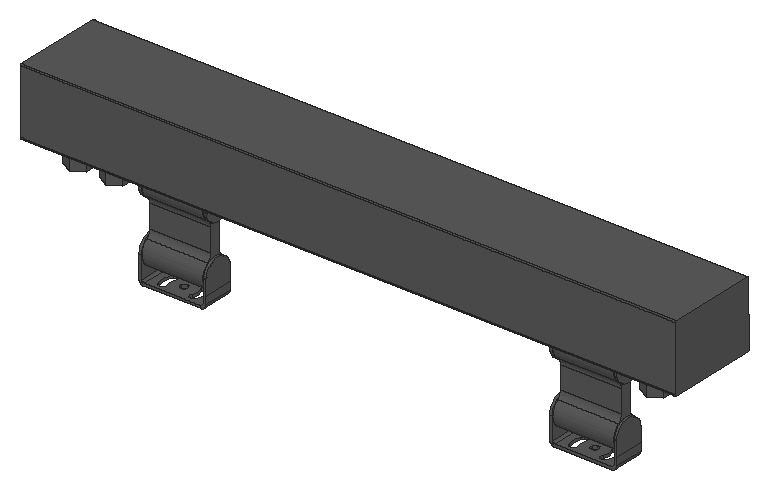
Revit family "LeL Tago 6.1", category Lighting Fixtures, Revit 2021
Family settings
  Round Connector Dimension = Use Diameter
  Part Type = Normal
  OmniClass Number = 23.80.70.00
  OmniClass Title = Lighting
  Work Plane-Based = Yes
  Always vertical = No
  Cut with Voids When Loaded = No
  Light Source = No
  Shared = No
  Room Calculation Point = No
Parameters (values of type "6.1 L 52° 24W 48Vdc")
  Weight = 1.884 kg
  Wattage = 24 W
  URL = "https://www.lucelight.it/en/prodotto.php/145845"
  Rotation wall [instance] = 0.00°
  Rotation body [instance] = 0.00°
  R2 [instance] = if(Rotation body > 90.00°, 90.00°, if(Rotation body < -90.00°, -90.00°, Rotation body))  # 0.00°
  R1 [instance] = if(Rotation wall > 90.00°, 90.00°, if(Rotation wall < -90.00°, -90.00°, Rotation wall))  # 0.00°
  Rated Power supply = 48 V
  Optic = TAGO Light source : 6.1 L 52° 24W 48Vdc
  Model = "TG61"
  Manufacturer = "L&L Luce&Light srl"  # constant formula
  Lumen Output = 2412 lm
  Lamp = "LED"
  IP = "IP65 IP67 IP69"  # constant formula
  IK = "IK09"  # constant formula
  Cable gland hint = "Switch on cable gland if dimmable"  # constant formula
  Description = "Outdoor/linear profiles"  # constant formula
  Default Elevation = 1219.2 mm
  Finish = LeL Black
  Cable gland dimmable = yes
  CRI = "CRI80"  # constant formula
  CCT = 4000 K  # constant formula
  Brackets offset [instance] = 100 mm
  Brackets offset hint [instance] = "Move brackets along the profile"  # constant formula
  B [instance] = if(Brackets offset > 200 mm, 200 mm, if(Brackets offset < 30 mm, 30 mm, Brackets offset))  # 100 mm
  Author = "A.D."  # constant formula
  Apparent Load = Wattage  # 24 VA
Types (6, lengths in mm): name | Wattage | Rated Power supply | Optic | Lumen Output | Apparent Load
  6.1 L 52° 24W 48Vdc | 24 W | 48 V | TAGO Light source : 6.1 L 52° 24W 48Vdc | 2412 lm | 24 VA
  6.1 M 30° 24W 48Vdc | 24 W | 48 V | TAGO Light source : 6.1 M 30° 24W 48Vdc | 2580 lm | 24 VA
  6.1 S 24° 24W 48Vdc | 24 W | 48 V | TAGO Light source : 6.1 S 24° 24W 48Vdc | 2748 lm | 24 VA
  6.1 L 52° 29W 230Vac | 29 W | 230 V | TAGO Light source : 6.1 L 52° 29W 230Vac | 2412 lm | 29 VA
  6.1 M 30° 29W 230Vac | 29 W | 230 V | TAGO Light source : 6.1 M 30° 29W 230Vac | 2580 lm | 29 VA
  6.1 S 24° 29W 230Vac | 29 W | 230 V | TAGO Light source : 6.1 S 24° 29W 230Vac | 2748 lm | 29 VA
Reference planes
  plane 1 "Asse sorgente illuminazione (F/B)": y = 0
  plane 2: z = 0
  plane 3 "Asse sorgente illuminazione (L/R)": x = 0
  plane 4 "Prospetto sorgente di illuminazione": z = 1500
  plane 5: y = 0
  plane 6: x = -168
  plane 7: x = 168
  plane 8: z = 21.998
  plane 9: x = -268
  plane 10: x = 268
Lines and regions (mm)
  reference lines
    curve 1: line (0, -0.082, -8.118) -> (0, -0.082, 21.998)
Dimensions and locks
  locked: plane 9 to plane 3 "Asse sorgente illuminazione (L/R)" at 268
  locked: plane 3 "Asse sorgente illuminazione (L/R)" to plane 10 at 268
  "B": plane 9 to plane 6
  "B": plane 7 to plane 10
  "R1": angle plane 5 to curve 1
  aligned and locked: level to plane 2
  aligned and locked: plane 6 to nested 8
  aligned and locked: plane 6 to nested 7
  aligned and locked: plane 6 to nested 6
  aligned and locked: plane 7 to nested 2
  aligned and locked: plane 7 to nested 4
  aligned and locked: plane 7 to nested 3
  aligned and locked: plane 3 "Asse sorgente illuminazione (L/R)" to nested 5
  aligned and locked: plane 8 to curve 1
Automatic sketch dimensions
  plane 1 "Asse sorgente illuminazione (F/B)" to curve 1 = 0.082 mm
Nested families
  nested 1: "Symbol Linear Profile lamp" at (0, 0.044, 0), type "TG61", detail levels coarse
  nested 2: "Bracket wall" at (168, 0, 0), Finish <- "Finish", type "bracket wall"
    with Finish LeL Black
  nested 3: "Bracket body" at (168, 0.061, 71.907) x (1, 0, 0) z (0, 1, 0), Rotation body <- "R2", Finish <- "Finish", type "bracket body"
    with Rotation body 0.00°, Finish LeL Black
  nested 4: "Arm" at (168, -0.027, 21.924) x (1, 0, 0) z (0, 1, 0), Finish <- "Finish", type "arm"
    with Finish LeL Black
  nested 5: "Body" at (0, -0.113, -0.08), Finish <- "Finish", Cable gland <- "Cable gland dimmable", type "body"
    with Finish LeL Black, Cable gland yes
  nested 6: "Bracket wall" at (-168, 0, 0), Finish <- "Finish", type "bracket wall"
    with Finish LeL Black
  nested 7: "Bracket body" at (-168, 0.061, 71.907) x (1, 0, 0) z (0, 1, 0), Rotation body <- "R2", Finish <- "Finish", type "bracket body"
    with Rotation body 0.00°, Finish LeL Black
  nested 8: "Arm" at (-168, -0.027, 21.924) x (1, 0, 0) z (0, 1, 0), Finish <- "Finish", type "arm"
    with Finish LeL Black
  nested 9: "TAGO Light source" at (0, 31.587, 121.467) x (1, 0, 0) z (0, 1, 0), type <- "Optic", type "6.1 L 52° 24W 48Vdc", detail levels medium
Connectors
  electrical at (-217.94, 0.122, 0), driven by "Rated Power supply", driven by "Apparent Load"
    settings: index 2, voltage 48 V, apparent load 0 VA, apparent load phase1 24 VA, apparent load phase2 0 VA, apparent load phase3 0 VA, power factor 1, load classification "Illuminazione", number of poles 1, system type 31, power factor state 1, is connector primary yes, connector utility no, sub classification motor no, connector description ""
Definition of nested family "Bracket wall"
  Parameters (values of type "bracket wall")
    Default Elevation = 0 mm
    Finish [instance] = none
  Reference planes
    plane 1 "Centro (Fronte/Retro)": y = 0
    plane 2: z = 0
    plane 3 "Centro (Sinistra/Destra)": x = 0
  Forms (mm)
    Extrusion 1, solid, material <- "Finish", detail levels medium+fine
      sketch origin (0, 0, 0) x (1, 0, 0) y (0, 0, -1)
        loop
          line (-25.4, -22) -> (-25.4, -4)
          arc (-25.4, -4) -> (-24.814, -2.586) -> (-23.4, -2) r 2
          line (-23.4, -2) -> (23.4, -2)
          arc (23.4, -2) -> (24.814, -2.586) -> (25.4, -4) r 2
          line (25.4, -4) -> (25.4, -22) -> (27.4, -22) -> (27.4, -10) -> (27.4, -4)
          arc (27.4, -4) -> (26.228, -1.172) -> (23.4, 0) r 4
          line (23.4, 0) -> (-23.4, 0)
          arc (-23.4, 0) -> (-26.228, -1.172) -> (-27.4, -4) r 4
          line (-27.4, -4) -> (-27.4, -10) -> (-27.4, -22) -> (-25.4, -22)
      from -12 to 12
    Extrusion 2, solid, material <- "Finish", detail levels medium+fine
      sketch origin (0, 0, 0) x (0, 0, -1) y (0, 1, 0)
        loop
          line (-22, -12) -> (-22, 12)
          arc (-22, 12) -> (-34, 0) -> (-22, -12) r 12
      from 25.4 to 27.4
    Extrusion 3, solid, material <- "Finish", detail levels medium+fine
      sketch origin (0, 0, 0) x (0, 0, -1) y (0, -1, 0)
        loop
          arc (-22, 12) -> (-34, 0) -> (-22, -12) r 12
          line (-22, -12) -> (-22, 12)
      from 25.4 to 27.4
    Extrusion 4, void
      sketch origin (0, 0, 0) x (1, 0, 0) y (0, 1, 0)
        loop
          arc (-15.411, 7.399) -> (-17.1, 0) -> (-15.411, -7.399) r 17.05
          arc (-15.411, -7.399) -> (-11.348, -8.712) -> (-9.828, -4.722) r 3.1
          arc (-9.828, -4.722) -> (-10.9, -0.004) -> (-9.828, 4.715) r 10.916
          arc (-9.828, 4.715) -> (-11.344, 8.71) -> (-15.411, 7.399) r 3.102
      from 0 to 2
    Extrusion 5, void
      sketch origin (0, 0, 0) x (-1, 0, 0) y (0, -1, 0)
        loop
          arc (-15.411, -7.399) -> (-11.344, -8.71) -> (-9.828, -4.715) r 3.102
          arc (-9.828, -4.715) -> (-10.9, 0.004) -> (-9.828, 4.722) r 10.916
          arc (-9.828, 4.722) -> (-11.348, 8.712) -> (-15.411, 7.399) r 3.1
          arc (-15.411, 7.399) -> (-17.1, 0) -> (-15.411, -7.399) r 17.05
      from 0 to 2
    Extrusion 6, void
      sketch origin (0, 0, 0) x (1, 0, 0) y (0, 1, 0)
        loop
          circle (0, 0) r 3.1
      from 0 to 2
    Extrusion 7, solid, material <- "Finish", detail levels coarse
      sketch origin (0, 0, 0) x (0, 0, -1) y (0, 1, 0)
        loop
          line (0, 12) -> (-22, 12) -> (-30.485, 8.485) -> (-34, 0) -> (-30.485, -8.485) -> (-22, -12) -> (0, -12) -> (0, 12)
      from 25.4 to 27.4
    Extrusion 8, solid, material <- "Finish", detail levels coarse
      sketch origin (0, 0, 0) x (0, 0, -1) y (0, -1, 0)
        loop
          line (0, -12) -> (0, 12) -> (-22, 12) -> (-30.485, 8.485) -> (-34, 0) -> (-30.485, -8.485) -> (-22, -12) -> (0, -12)
      from 25.4 to 27.4
    Extrusion 9, solid, material <- "Finish", detail levels coarse
      sketch origin (0, 0, 0) x (0, 0, -1) y (0, 1, 0)
        loop
          line (0, 12) -> (-2, 12) -> (-2, -12) -> (0, -12) -> (0, 12)
      from -25.4 to 25.4
  Cuts and joins
    Extrusion 4, Extrusion 5, Extrusion 6 cuts Extrusion 1
    joined: Extrusion 1, Extrusion 2, Extrusion 3
  Dimensions and locks
    aligned and locked: level to plane 2
Definition of nested family "Bracket body"
  Parameters (values of type "bracket")
    Rotation body [instance] = 45.00°
    Finish [instance] = none
    Default Elevation = 1219.2 mm
  Reference planes
    plane 1 "Centro (Fronte/Retro)": y = 0
    plane 2: z = 0
    plane 3 "Centro (Sinistra/Destra)": x = 0
    plane 4: z = 0
    plane 5: y = 0
  Lines and regions (mm)
    reference lines
      curve 1: line (0, 0, 0) -> (0, -16.006, -16.006)
  Dimensions and locks
    "Rotation body": angle plane 4 to curve 1
    aligned and locked: level to plane 2
    aligned and locked: plane 4 to curve 1
    aligned and locked: plane 5 to curve 1
  Nested families
    nested 1: "Bracket body" at (0, 8.556, 8.397) x (1, 0, 0) z (0, -0.7071, 0.7071), Finish <- "Finish", type "bracket"
      with Finish none
  Definition of nested family "Bracket body"
    Parameters (values of type "bracket")
      Finish [instance] = none
      Default Elevation = 1219.2 mm
    Reference planes
      plane 1 "Centro (Fronte/Retro)": y = 0
      plane 2: z = 0
      plane 3 "Centro (Sinistra/Destra)": x = 0
    Forms (mm)
      Extrusion 1, solid, material <- "Finish", detail levels medium+fine
        sketch origin (0, -34, 0) x (-1, 0, 0) y (0, -1, 0)
          loop
            line (-25.4, -22) -> (-25.4, -4)
            arc (-25.4, -4) -> (-24.814, -2.586) -> (-23.4, -2) r 2
            line (-23.4, -2) -> (23.4, -2)
            arc (23.4, -2) -> (24.814, -2.586) -> (25.4, -4) r 2
            line (25.4, -4) -> (25.4, -22) -> (27.4, -22) -> (27.4, -10) -> (27.4, -4)
            arc (27.4, -4) -> (26.228, -1.172) -> (23.4, 0) r 4
            line (23.4, 0) -> (-23.4, 0)
            arc (-23.4, 0) -> (-26.228, -1.172) -> (-27.4, -4) r 4
            line (-27.4, -4) -> (-27.4, -10) -> (-27.4, -22) -> (-25.4, -22)
        from -12 to 12
      Extrusion 2, solid, material <- "Finish", detail levels medium+fine
        sketch origin (0, -34, 0) x (0, -1, 0) y (0, 0, 1)
          loop
            line (-22, -12) -> (-22, 12)
            arc (-22, 12) -> (-34, 0) -> (-22, -12) r 12
        from 25.4 to 27.4
      Extrusion 3, solid, material <- "Finish", detail levels medium+fine
        sketch origin (0, -34, 0) x (0, -1, 0) y (0, 0, -1)
          loop
            arc (-22, 12) -> (-34, 0) -> (-22, -12) r 12
            line (-22, -12) -> (-22, 12)
        from 25.4 to 27.4
      Extrusion 4, void
        sketch origin (0, -34, 0) x (-1, 0, 0) y (0, 0, 1)
          loop
            arc (-15.411, 7.399) -> (-17.1, 0) -> (-15.411, -7.399) r 17.05
            arc (-15.411, -7.399) -> (-11.348, -8.712) -> (-9.828, -4.722) r 3.1
            arc (-9.828, -4.722) -> (-10.9, -0.004) -> (-9.828, 4.715) r 10.916
            arc (-9.828, 4.715) -> (-11.344, 8.71) -> (-15.411, 7.399) r 3.102
        from 0 to 2
      Extrusion 5, void
        sketch origin (0, -34, 0) x (1, 0, 0) y (0, 0, -1)
          loop
            arc (-15.411, -7.399) -> (-11.344, -8.71) -> (-9.828, -4.715) r 3.102
            arc (-9.828, -4.715) -> (-10.9, 0.004) -> (-9.828, 4.722) r 10.916
            arc (-9.828, 4.722) -> (-11.348, 8.712) -> (-15.411, 7.399) r 3.1
            arc (-15.411, 7.399) -> (-17.1, 0) -> (-15.411, -7.399) r 17.05
        from 0 to 2
      Extrusion 6, void
        sketch origin (0, -34, 0) x (-1, 0, 0) y (0, 0, 1)
          loop
            circle (0, 0) r 3.1
        from 0 to 2
      Extrusion 7, solid, material <- "Finish", detail levels coarse
        sketch origin (0, -34, 0) x (0, -1, 0) y (0, 0, 1)
          loop
            line (0, 12) -> (-22, 12) -> (-30.485, 8.485) -> (-34, 0) -> (-30.485, -8.485) -> (-22, -12) -> (0, -12) -> (0, 12)
        from 25.4 to 27.4
      Extrusion 8, solid, material <- "Finish", detail levels coarse
        sketch origin (0, -34, 0) x (0, -1, 0) y (0, 0, -1)
          loop
            line (0, -12) -> (0, 12) -> (-22, 12) -> (-30.485, 8.485) -> (-34, 0) -> (-30.485, -8.485) -> (-22, -12) -> (0, -12)
        from 25.4 to 27.4
      Extrusion 9, solid, material <- "Finish", detail levels coarse
        sketch origin (0, -34, 0) x (0, -1, 0) y (0, 0, 1)
          loop
            line (0, 12) -> (-2, 12) -> (-2, -12) -> (0, -12) -> (0, 12)
        from -25.4 to 25.4
    Cuts and joins
      Extrusion 4, Extrusion 5, Extrusion 6 cuts Extrusion 1
    Dimensions and locks
      aligned and locked: level to plane 2
Definition of nested family "Arm"
  Parameters (values of type "arm")
    Finish [instance] = none
    Default Elevation = 1219.2 mm
  Reference planes
    plane 1 "Centro (Fronte/Retro)": y = 0
    plane 2: z = 0
    plane 3 "Centro (Sinistra/Destra)": x = 0
  Forms (mm)
    Extrusion 1, solid, material <- "Finish", detail levels medium+fine
      sketch origin (-9.26, 22.016, 0) x (0, 1, 0) y (0, 0, 1)
        loop
          arc (-62.216, -6.947) -> (-59.72, -4.78) -> (-56.508, -4) r 7
          line (-56.508, -4) -> (-37.492, -4)
          arc (-37.492, -4) -> (-34.28, -4.78) -> (-31.784, -6.947) r 7
          arc (-31.784, -6.947) -> (-10, 0) -> (-31.784, 6.947) r 12
          arc (-31.784, 6.947) -> (-34.28, 4.78) -> (-37.492, 4) r 7
          line (-37.492, 4) -> (-56.508, 4)
          arc (-56.508, 4) -> (-59.72, 4.78) -> (-62.216, 6.947) r 7
          arc (-62.216, 6.947) -> (-84, 0) -> (-62.216, -6.947) r 12
      from -15.74 to 34.26
    Extrusion 2, solid, material <- "Finish", detail levels coarse
      sketch origin (0, 0, 0) x (0, 1, 0) y (0, 0, 1)
        loop
          line (0, 12) -> (-8.485, 8.485) -> (-10.243, 4.243) -> (-39.726, 4.243) -> (-41.483, 8.485) -> (-49.969, 12) -> (-58.454, 8.485) -> (-61.969, 0) -> (-58.454, -8.485) -> (-49.969, -12) -> (-41.483, -8.485) -> (-39.726, -4.243) -> (-10.243, -4.243) -> (-8.485, -8.485) -> (0, -12) -> (8.485, -8.485) -> (12, 0) -> (8.485, 8.485) -> (0, 12)
      from -25 to 25
  Dimensions and locks
    aligned and locked: level to plane 2
Definition of nested family "Body"
  Parameters (values of type "body")
    Lenght = 536 mm
    Finish [instance] = none
    Default Elevation = 1219.2 mm
    Cable gland [instance] = yes
  Reference planes
    plane 1 "Centro (Fronte/Retro)": y = 0
    plane 2: z = 0
    plane 3 "Centro (Sinistra/Destra)": x = 0
    plane 4: x = -268
    plane 5: x = -264
    plane 6: x = -253
    plane 7: x = 253
    plane 8: x = 264
    plane 9: x = 268
    plane 10: x = 238.5
    plane 11: x = -233.5
    plane 12: x = -203.5
  Forms (mm)
    Extrusion 1, solid, material <- "Finish", detail levels medium+fine
      sketch origin (0, 0, 0) x (0, 1, 0) y (0, 0, 1)
        loop
          arc (-41.6, 149) -> (-42.307, 148.707) -> (-42.6, 148) r 1
          line (-42.6, 148) -> (-42.6, 95)
          arc (-42.6, 95) -> (-42.307, 94.293) -> (-41.6, 94) r 1
          line (-41.6, 94) -> (31.2, 94)
          arc (31.2, 94) -> (31.554, 94.146) -> (31.7, 94.5) r 0.5
          line (31.7, 94.5) -> (31.7, 148.5)
          arc (31.7, 148.5) -> (31.554, 148.854) -> (31.2, 149) r 0.5
          line (31.2, 149) -> (-41.6, 149)
      from -268 to 268
    Extrusion 2, void
      sketch origin (0, 0, 0) x (1, 0, 0) y (0, 0, 1)
        loop
          line (-264, 146.625) -> (-264, 96.375) -> (264, 96.375) -> (264, 146.625) -> (-264, 146.625)
      from -31.7 to -26.7
    Extrusion 3, solid, detail levels medium+fine
      sketch origin (0, 0, 0) x (1, 0, 0) y (0, 0, 1)
        loop
          line (-264, 146.625) -> (-264, 96.375) -> (264, 96.375) -> (264, 146.625) -> (-264, 146.625)
      from -26.7 to -31.7
    Extrusion 4, solid, detail levels medium+fine
      sketch origin (0, 0, 0) x (1, 0, 0) y (0, 0, 1)
        loop
          line (-253, 132.25) -> (-253, 110.75)
          arc (-253, 110.75) -> (-252.268, 108.982) -> (-250.5, 108.25) r 2.5
          line (-250.5, 108.25) -> (250.5, 108.25)
          arc (250.5, 108.25) -> (252.268, 108.982) -> (253, 110.75) r 2.5
          line (253, 110.75) -> (253, 132.25)
          arc (253, 132.25) -> (252.268, 134.018) -> (250.5, 134.75) r 2.5
          line (250.5, 134.75) -> (-250.5, 134.75)
          arc (-250.5, 134.75) -> (-252.268, 134.018) -> (-253, 132.25) r 2.5
      from -31.7 to -26.7
    Extrusion 5, solid, visible <- "Cable gland", detail levels medium+fine
      sketch origin (152.5, 0, 87.5) x (1, 0, 0) y (0, 1, 0)
        loop
          line (86, -13.63) -> (76.5, -19.115) -> (76.5, -30.085) -> (86, -35.57) -> (95.5, -30.085) -> (95.5, -19.115) -> (86, -13.63)
      from -7.25 to 6.5
    Extrusion 6, solid, visible <- "Cable gland", detail levels medium+fine
      sketch origin (-289.5, 0, 87.5) x (1, 0, 0) y (0, 1, 0)
        loop
          line (86, -13.63) -> (76.5, -19.115) -> (76.5, -30.085) -> (86, -35.57) -> (95.5, -30.085) -> (95.5, -19.115) -> (86, -13.63)
      from -7.25 to 6.5
    Extrusion 7, solid, detail levels medium+fine
      sketch origin (-319.5, 0, 87.5) x (1, 0, 0) y (0, 1, 0)
        loop
          line (86, -13.63) -> (76.5, -19.115) -> (76.5, -30.085) -> (86, -35.57) -> (95.5, -30.085) -> (95.5, -19.115) -> (86, -13.63)
      from -7.25 to 6.5
    Extrusion 8, solid, material <- "Finish", detail levels coarse
      sketch origin (0, 0, 0) x (0, 1, 0) y (0, 0, 1)
        loop
          line (30.513, 149) -> (-42.6, 149) -> (-42.6, 94) -> (30.513, 94) -> (30.513, 149)
      from -268 to 268
    Extrusion 9, solid, detail levels coarse
      sketch origin (0, 62.4, 0) x (0, -1, 0) y (0, 0, -1)
        loop
          line (31.887, -149) -> (31.887, -94) -> (30.7, -94) -> (30.7, -149) -> (31.887, -149)
      from -268 to 268
    Extrusion 10, void
      sketch origin (0, 0, 0) x (1, 0, 0) y (0, 0, 1)
        loop
          arc (-250.5, 134.75) -> (-252.268, 134.018) -> (-253, 132.25) r 2.5
          line (-253, 132.25) -> (-253, 110.75)
          arc (-253, 110.75) -> (-252.268, 108.982) -> (-250.5, 108.25) r 2.5
          line (-250.5, 108.25) -> (250.5, 108.25)
          arc (250.5, 108.25) -> (252.268, 108.982) -> (253, 110.75) r 2.5
          line (253, 110.75) -> (253, 132.25)
          arc (253, 132.25) -> (252.268, 134.018) -> (250.5, 134.75) r 2.5
          line (250.5, 134.75) -> (-250.5, 134.75)
      from -31.7 to -26.7
  Cuts and joins
    Extrusion 2, Extrusion 10 cuts Extrusion 1
    Extrusion 10 cuts Extrusion 8
    Extrusion 10 cuts Extrusion 3
  Dimensions and locks
    equal spacing: plane 9, plane 3 "Centro (Sinistra/Destra)", plane 4
    "Lenght": plane 9 to plane 4
    locked: plane 9 to plane 8 at 4
    locked: plane 5 to plane 4 at 4
    locked: plane 6 to plane 5 at 11
    locked: plane 8 to plane 7 at 11
    locked: plane 11 to plane 6 at 19.5
    locked: plane 12 to plane 11 at 30
    locked: plane 7 to plane 10 at 14.5
    aligned and locked: level to plane 2
    aligned and locked: Extrusion 1 to plane 4
    aligned and locked: Extrusion 1 to plane 9
    aligned and locked: plane 8 to cut or joined group of Extrusion 1, Extrusion 2, Extrusion 10
    aligned and locked: cut or joined group of Extrusion 1, Extrusion 2, Extrusion 10 to plane 5
    aligned and locked: cut or joined group of Extrusion 1, Extrusion 2, Extrusion 10 to cut or joined group of Extrusion 1, Extrusion 2, Extrusion 10
    aligned and locked: Extrusion 6 to plane 12
    aligned and locked: Extrusion 7 to plane 11
    aligned and locked: Extrusion 5 to plane 10
    aligned and locked: Extrusion 8 to plane 9
    aligned and locked: Extrusion 8 to plane 4
    aligned and locked: Extrusion 9 to plane 4
    aligned and locked: Extrusion 9 to plane 9
  Automatic sketch dimensions
    plane 1 "Centro (Fronte/Retro)" to Extrusion 1 sketch curve = 42.6 mm
    Extrusion 1 sketch curve to Extrusion 1 sketch curve = 1 mm  (x2)
    Extrusion 1 sketch curve to plane 1 "Centro (Fronte/Retro)" = 31.2 mm  (x2)
    Extrusion 1 sketch curve to Extrusion 1 sketch curve = 0.5 mm
    level to Extrusion 1 sketch curve = 94 mm
    Extrusion 1 sketch curve to Extrusion 1 sketch curve = 53 mm
    Extrusion 2 sketch curve to plane 5 = 0 mm
    Extrusion 2 sketch curve to plane 8 = 0 mm
    level to Extrusion 2 sketch curve = 96.375 mm
    Extrusion 2 sketch curve to Extrusion 2 sketch curve = 50.25 mm
    Extrusion 3 sketch curve to plane 5 = 0 mm
    Extrusion 3 sketch curve to plane 8 = 0 mm
    level to Extrusion 3 sketch curve = 96.375 mm
    Extrusion 3 sketch curve to Extrusion 3 sketch curve = 50.25 mm
    Extrusion 4 sketch curve to plane 6 = 0 mm
    plane 7 to Extrusion 4 sketch curve = 0 mm
    plane 6 to Extrusion 4 sketch curve = 2.5 mm  (x2)
    plane 7 to Extrusion 4 sketch curve = 2.5 mm  (x2)
    level to Extrusion 4 sketch curve = 108.25 mm
    Extrusion 4 sketch curve to Extrusion 4 sketch curve = 21.5 mm
    Extrusion 5 sketch curve to plane 10 = 0 mm  (x2)
    Extrusion 5 sketch curve to plane 10 = 9.5 mm
    plane 7 to Extrusion 5 sketch curve = 5 mm
    plane 1 "Centro (Fronte/Retro)" to Extrusion 5 sketch curve = 35.57 mm
    Extrusion 5 sketch curve to Extrusion 5 sketch curve = 5.485 mm  (x3)
    Extrusion 5 sketch curve to Extrusion 5 sketch curve = 10.97 mm  (x2)
    Extrusion 6 sketch curve to plane 12 = 0 mm  (x2)
    Extrusion 6 sketch curve to plane 12 = 9.5 mm
    plane 12 to Extrusion 6 sketch curve = 9.5 mm
    plane 1 "Centro (Fronte/Retro)" to Extrusion 6 sketch curve = 35.57 mm
    Extrusion 6 sketch curve to Extrusion 6 sketch curve = 5.485 mm  (x3)
    Extrusion 6 sketch curve to Extrusion 6 sketch curve = 10.97 mm  (x2)
    Extrusion 7 sketch curve to plane 11 = 0 mm  (x2)
    Extrusion 7 sketch curve to plane 11 = 9.5 mm
    plane 11 to Extrusion 7 sketch curve = 9.5 mm
    plane 1 "Centro (Fronte/Retro)" to Extrusion 7 sketch curve = 35.57 mm
    Extrusion 7 sketch curve to Extrusion 7 sketch curve = 5.485 mm  (x3)
    Extrusion 7 sketch curve to Extrusion 7 sketch curve = 10.97 mm  (x2)
    plane 1 "Centro (Fronte/Retro)" to Extrusion 8 sketch curve = 42.6 mm
    Extrusion 8 sketch curve to plane 1 "Centro (Fronte/Retro)" = 30.513 mm
    level to Extrusion 8 sketch curve = 94 mm
    Extrusion 8 sketch curve to Extrusion 8 sketch curve = 55 mm
    Extrusion 9 sketch curve to plane 1 "Centro (Fronte/Retro)" = 31.7 mm
    Extrusion 9 sketch curve to plane 1 "Centro (Fronte/Retro)" = 30.513 mm
    level to Extrusion 9 sketch curve = 149 mm
    Extrusion 9 sketch curve to Extrusion 9 sketch curve = 55 mm
    Extrusion 10 sketch curve to plane 6 = 0 mm
    plane 6 to Extrusion 10 sketch curve = 2.5 mm  (x2)
    Extrusion 10 sketch curve to Extrusion 10 sketch curve = 2.5 mm
    level to Extrusion 10 sketch curve = 108.25 mm
    Extrusion 10 sketch curve to Extrusion 10 sketch curve = 21.5 mm
    plane 7 to Extrusion 10 sketch curve = 2.5 mm
    plane 7 to Extrusion 10 sketch curve = 0 mm
Definition of nested family "Symbol Linear Profile lamp"
  Parameters (values of type "1752mm")
    Symbol widht = 55 mm
    Symbol lenght = 536 mm
  Reference planes
    plane 1: y = 0
    plane 2: x = 0
  Lines and regions (mm)
    detail lines
      curve 1: line (-268, -25, 0) -> (268, -25, 0)
      curve 2: line (-268, 30, 0) -> (-268, -25, 0)
      curve 3: line (268, 30, 0) -> (-268, 30, 0)
      curve 4: line (268, -25, 0) -> (268, 30, 0)
  Dimensions and locks
    equal spacing: curve 3, plane 1, curve 1
    "Symbol widht": curve 3 to curve 1
    equal spacing: curve 2, plane 2, curve 4
    "Symbol lenght": curve 2 to curve 4
  Automatic sketch dimensions
    plane 1 to curve 1 = 25 mm
Definition of nested family "TAGO Light source"
  Parameters (values of type "6.1 L 52° 24W 48Vdc")
    Wattage = 16.2378 W
    built-in parameter 1150110 = 1 (stored number, unit not read)
    built-in parameter 1114217 = 1 (stored number, unit not read)
    Tilt Angle = -90.00°
    built-in parameter 1150109 = 1 (stored number, unit not read)
    built-in parameter 1150134 = 12
    built-in parameter 1150113 = 1 (stored number, unit not read)
    Photometric Web File = "TAGO 6.1 L 52° [RGBW 24W 48Vdc].IES"
    Lumens = 2412 lm
    built-in parameter 1150115 = 1 (stored number, unit not read)
    built-in parameter 1150105 = 191.94 (stored number, unit not read)
    built-in parameter 1150137 = (empty or 0)
    built-in parameter 1150139 = (empty or 0)
    built-in parameter 1150112 = 1 (stored number, unit not read)
    built-in parameter 1150114 = 1 (stored number, unit not read)
    Lamp = "LED"
    built-in parameter 1150132 = 2
    built-in parameter 1150102 = (empty or 0)
    built-in parameter 1150138 = (empty or 0)
    built-in parameter 1150107 = 4000 (stored number, unit not read)
    built-in parameter 1150106 = 1.9194 (stored number, unit not read)
    Emit from Rectangle Width = 536 mm  # constant formula
    Emit from Rectangle Length = 55 mm  # constant formula
    Emit Shape Visible in Rendering = no
    built-in parameter 1150104 = 13.8 (stored number, unit not read)
    Dimming Lamp Color Temperature Shift = (empty or 0)
    Default Elevation = 1219.2 mm
    Color Filter = 16777215
    built-in parameter 1114218 = 1 (stored number, unit not read)
    built-in parameter 1150133 = 10 (stored number, unit not read)
    Apparent Load = 48 VA
  Types (6, lengths in mm): name | Wattage | Photometric Web File | Lumens | built-in parameter 1150105 | built-in parameter 1150106 | Apparent Load
    6.1 L 52° 24W 48Vdc | 16.2378 W | "TAGO 6.1 L 52° [RGBW 24W 48Vdc].IES" | 2412 lm | 191.94 (stored number, unit not read) | 1.9194 (stored number, unit not read) | 48 VA
    6.1 S 24° 24W 48Vdc | 18.4998 W | "TAGO 6.1 S 24° [RGBW 24W 48Vdc].IES" | 2748 lm | 218.68 (stored number, unit not read) | 2.1868 (stored number, unit not read) | 48 VA
    6.1 M 30° 24W 48Vdc | 17.3688 W | "TAGO 6.1 M 30° [RGBW 24W 48Vdc].IES" | 2580 lm | 205.31 (stored number, unit not read) | 2.0531 (stored number, unit not read) | 48 VA
    6.1 S 24° 29W 230Vac | 18.4998 W | "TAGO 6.1 S 24° [RGBW 29W 230Vac].IES" | 2748 lm | 218.68 (stored number, unit not read) | 2.1868 (stored number, unit not read) | 230 VA
    6.1 M 30° 29W 230Vac | 17.3688 W | "TAGO 6.1 M 30° [RGBW 29W 230Vac].IES" | 2580 lm | 205.31 (stored number, unit not read) | 2.0531 (stored number, unit not read) | 230 VA
    6.1 L 52° 29W 230Vac | 16.2378 W | "TAGO 6.1 L 52° [RGBW 29W 230Vac].IES" | 2412 lm | 191.94 (stored number, unit not read) | 1.9194 (stored number, unit not read) | 230 VA
  Reference planes
    plane 1 "Light Source Axis (F/B)": y = 0
    plane 2: z = 0
    plane 3 "Light Source Axis (L/R)": x = 0
    plane 4 "Light Source Elevation": z = 1.25
    plane 5: x = 0
  Dimensions and locks
    aligned and locked: plane 4 "Light Source Elevation" to imposter light
    aligned and locked: plane 2 to level
